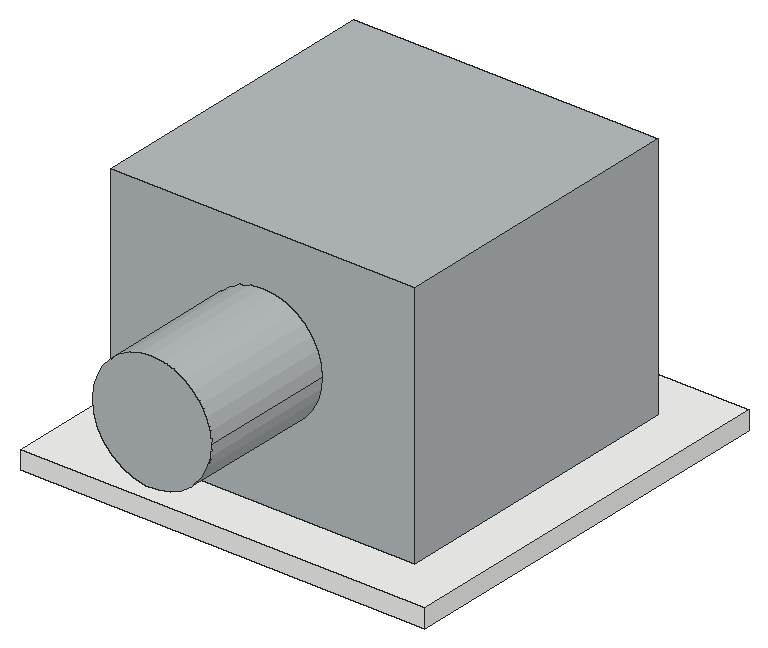
Revit family "vd-13_15zy14_50Hz", category 機械設備, Revit 2019
Family settings
  丸型コネクタ寸法 = 直径を使用
  パーツ タイプ = 標準
  OmniClass 番号 = 23.75.35.17.27
  OmniClass タイトル = Centrifugal Fans
  作業面ベース = いいえ
  常に垂直 = はい
  ロード時にボイドで切り取り = いいえ
  共有 = いいえ
  部屋計算ポイント = はい
Parameters (values of type "VD-15ZY14")
  騒音レベル(dB(A)) [instance] = 39
  風量 [instance] = 216.0 m³/h
  電源種別 [instance] = ""
  電圧 = 100 V
  電動機出力 = 0 W
  電動機_種別 [instance] = ""
  運転質量 = 0.00 kg
  連動 [instance] = ""
  質量 = if(製品質量 > 運転質量, 製品質量, 運転質量) * 1.2  # 5.40 kg
  負荷分類 = 3_ファン類
  説明 = "ダクト用換気扇 低騒音形 オール金属タイプ"
  設計風量 [instance] = 0.0 m³/h
  設置方法 = "天埋"
  記号 [instance] = ""
  製造元 = "三菱電機株式会社"
  製品質量 = 4.50 kg
  製品出荷対象 = "国内"
  製品リリース年月 = "2024年6月3日"
  製品グループ = ""
  系統 [instance] = ""
  符号 [instance] = if(☑給気／□排気, "FS", "FE")  # "FE"
  積算_科目 = "2 換気設備"
  積算_拾い区分 [instance] = ""
  相 = 1
  盤記号 [instance] = ""
  発停方法 [instance] = ""
  特殊仕様 [instance] = ""
  火災停止 [instance] = ""
  消費電力 = 23 W
  法定耐用年数 = "15"
  機外静圧 [instance] = 0.0 Pa
  極数 = 2
  材質 [instance] = ""
  操作・制御方式 = ""
  操作・制御スイッチ = ""
  排気量 [instance] = if(☑給気／□排気, 0.0 m³/h, 設計風量)  # 0.0 m³/h
  形式 = "天井埋込ダクト形"
  幹線記号 [instance] = ""
  対象室 [instance] = ""
  実風量 [instance] = 0.0 m³/h
  始動方式 [instance] = "直入"
  外気量 [instance] = if(☑給気／□排気, 設計風量, 0.0 m³/h)  # 0.0 m³/h
  呼称 = "天井扇"
  周波数 = 50 Hz
  参照している仕様書等のバージョン = ""
  分類コード = "50052503100030"
  分類グループ = ""
  価格 = 31200
  企業コード = "108420"
  付属品_防振装置 = ""
  付属品 [instance] = ""
  仕様書バージョン = "Version1.0"
  モデル = "VD-15ZY14"
  マテリアル = 鋼板
  ファンの種類 = ""
  ダクト径 = 100 mm
  コメント [instance] = ""
  Keynote = ""
  カバーマテリアル = 鋼板(白)
  ☑給気／□排気 [instance] = no
  Width = 251 mm
  W1 = 334 mm
  Version = ""
  Uniclass2015Version = "Systems v1.9"
  Uniclass2015Title = "Centrifugal fans"
  Uniclass2015Code = "Pr_65_67_29_12"
  URL = "https://www.mitsubishielectric.co.jp/ldg/wink/qr/002/333639/"
  SpecificationReference = ""
  SpecificationDescription = ""
  Revision = ""
  ProductInformation = ""
  OmniClassCode = "23-33 31 19 11 15"
  MIN風量 = 0.0 m³/h
  MIN静圧 = 0.0 Pa
  MID風量 = 0.0 m³/h
  MID静圧 = 0.0 Pa
  MAX風量 = 216.0 m³/h
  MAX静圧 = 0.0 Pa
  IfcTypeProduct = ""
  IfcProduct = ""
  IfcExportType = "PROPELLORAXIAL"
  IfcExportAs = "IfcFanType"
  Height = 204 mm
  H1 = 15 mm
  EAサイズ_D = 98 mm
  Duct_Height = 111 mm
  Duct_Depth = 114 mm
  Duct_Center = 0 mm
  Depth = 251 mm
  D1 = 334 mm
  Author = "三菱電機株式会社"
Types (2, lengths in mm): name | 騒音レベル(dB(A)) | 風量 | 質量 | 製品質量 | 消費電力 | 価格 | モデル | Width | W1 | URL | MAX風量 | Height | Duct_Height | Duct_Center | Depth | D1
  VD-13ZY14 | 38.5 | 160.0 m³/h | 3.36 kg | 2.80 kg | 23.5 W | 31100 | "VD-13ZY14" | 195 | 282 | "https://www.mitsubishielectric.co.jp/ldg/wink/qr/002/333599/" | 160.0 m³/h | 193 | 102 | 56 | 195 | 282
  VD-15ZY14 | 39 | 216.0 m³/h | 5.40 kg | 4.50 kg | 23 W | 31200 | "VD-15ZY14" | 251 | 334 | "https://www.mitsubishielectric.co.jp/ldg/wink/qr/002/333639/" | 216.0 m³/h | 204 | 111 | 0 | 251 | 334
Reference planes
  plane 1 "中心(正面/背面)": y = 0
  plane 2: z = 0
  plane 3 "中心(左/右)": x = 0
  plane 4: x = -167
  plane 5: x = 167
  plane 6: y = 167
  plane 7: y = -167
  plane 8: x = -125.5
  plane 9: x = 125.5
  plane 10: y = 125.5
  plane 11: y = -125.5
  plane 12: y = -239.5
  plane 13: z = 204
  plane 14: z = -15
  plane 15: z = 111
  plane 16: x = 0
Forms (mm)
  Extrusion 1, solid, material "鋼板" <- "マテリアル", detail levels fine
    sketch origin (0, 0, 0) x (1, 0, 0) y (0, 1, 0)
      loop
        line (-125.5, 125.5) -> (-125.5, -125.5) -> (125.5, -125.5) -> (125.5, 125.5) -> (-125.5, 125.5)
    from 0 to 204
  Extrusion 2, solid, material "鋼板(白)" <- "カバーマテリアル", detail levels fine
    sketch origin (0, 0, 0) x (1, 0, 0) y (0, 1, 0)
      loop
        line (-167, 167) -> (-167, -167) -> (167, -167) -> (167, 167) -> (-167, 167)
    from 0 to -15
  Extrusion 3, solid, material "鋼板" <- "マテリアル", detail levels fine
    sketch origin (0, 0, 0) x (1, 0, 0) y (0, 0, 1)
      loop
        circle (0, 111) r 49
    from 125.5 to 239.5
Dimensions and locks
  equal spacing: plane 4, plane 3 "中心(左/右)", plane 5
  "W1": plane 4 to plane 5
  equal spacing: plane 6, plane 1 "中心(正面/背面)", plane 7
  "D1": plane 6 to plane 7
  equal spacing: plane 8, plane 3 "中心(左/右)", plane 9
  "Width": plane 8 to plane 9
  equal spacing: plane 10, plane 1 "中心(正面/背面)", plane 11
  "Depth": plane 10 to plane 11
  "Duct_Depth": plane 11 to plane 12
  "Height": plane 13 to plane 2
  "Duct_Height": plane 15 to plane 2
  "H1": plane 2 to plane 14
  "Duct_Center": plane 3 "中心(左/右)" to plane 16
  "EAサイズ_D": diameter of Extrusion 3 sketch curve
  aligned and locked: level to plane 2
  aligned and locked: plane 5 to Extrusion 2
  aligned and locked: plane 6 to Extrusion 2
  aligned and locked: Extrusion 2 to plane 4
  aligned and locked: Extrusion 2 to plane 7
  aligned and locked: plane 9 to Extrusion 1
  aligned and locked: Extrusion 1 to plane 11
  aligned and locked: Extrusion 1 to plane 8
  aligned and locked: plane 10 to Extrusion 1
  aligned and locked: plane 13 to Extrusion 1
  aligned and locked: Extrusion 2 to plane 14
  aligned and locked: level to Extrusion 2
  aligned and locked: Extrusion 1 to level
  aligned and locked: Extrusion 3 to plane 12
  aligned and locked: plane 11 to Extrusion 3
Automatic sketch dimensions
  Extrusion 1 sketch curve to plane 3 "中心(左/右)" = 125.5 mm
  plane 3 "中心(左/右)" to Extrusion 1 sketch curve = 125.5 mm
  Extrusion 2 sketch curve to plane 3 "中心(左/右)" = 167 mm
  plane 3 "中心(左/右)" to Extrusion 2 sketch curve = 167 mm
  plane 1 "中心(正面/背面)" to Extrusion 1 sketch curve = 125.5 mm
  Extrusion 1 sketch curve to plane 1 "中心(正面/背面)" = 125.5 mm
  plane 1 "中心(正面/背面)" to Extrusion 2 sketch curve = 167 mm
  Extrusion 2 sketch curve to plane 1 "中心(正面/背面)" = 167 mm
  Extrusion 3 sketch curve to plane 15 = 0 mm
  Extrusion 3 sketch curve to plane 16 = 0 mm
Nested families
  nested 1: "記号_天井換気扇_平面" at (0, 0, 0), type "記号_天井換気扇_平面", detail levels coarse+medium
Connectors
  hvac at (0, -239.5, 111), driven by "ダクト径", driven by "風量", driven by "機外静圧"
    settings: on Extrusion 3, index 1, duct flow 216.0 m³/h, flow factor 0, pres drop 0.0 Pa, loss coef 0, conn angle 0.00°, conn width 304.8 mm, conn height 304.8 mm, conn diameter 100 mm, duct sys type 3, conn prof type 0, flow config 0, flow direction 2, loss method 4, conn ref index -1, conn util no, is conn primary yes, conn desc ""
  electrical at (0, 0, 204), driven by "極数", driven by "負荷分類", driven by "電圧", driven by "消費電力"
    settings: on Extrusion 1, index 2, voltage 100 V, apparent load 23 VA, apparent load phase1 0 VA, apparent load phase2 0 VA, apparent load phase3 0 VA, power factor 1, load classification "3_ファン類", number of poles 2, system type 30, power factor state 1, is connector primary yes, connector utility no, sub classification motor no, connector description ""
Definition of nested family "記号_天井換気扇_平面"
  Reference planes
    plane 1: y = 0
    plane 2: x = 0
  Lines and regions (mm)
    detail lines
      curve 1: line (-2.5, 2.5, 0) -> (2.5, 2.5, 0)
      curve 2: line (-2.5, -2.5, 0) -> (-2.5, 2.5, 0)
      curve 3: line (2.5, -2.5, 0) -> (-2.5, -2.5, 0)
      curve 4: line (2.5, 2.5, 0) -> (2.5, -2.5, 0)
      curve 5: circle (-1.04, -1.04, 0) r 1.46 normal (0, 0, 1)
      curve 6: circle (1.04, 1.04, 0) r 1.46 normal (0, 0, 1)
      curve 7: line (-3.125, 3.125, 0) -> (3.125, 3.125, 0)
      curve 8: line (-3.125, -3.125, 0) -> (-3.125, 3.125, 0)
      curve 9: line (3.125, -3.125, 0) -> (-3.125, -3.125, 0)
      curve 10: line (3.125, 3.125, 0) -> (3.125, -3.125, 0)
      curve 11: circle (1.295, 1.295, 0) r 1.83 normal (0, 0, 1)
      curve 12: circle (-1.295, -1.295, 0) r 1.83 normal (0, 0, 1)
      curve 13: line (-2, 2, 0) -> (2, 2, 0)
      curve 14: line (-2, -2, 0) -> (-2, 2, 0)
      curve 15: line (2, -2, 0) -> (-2, -2, 0)
      curve 16: line (2, 2, 0) -> (2, -2, 0)
      curve 17: circle (0.84, 0.84, 0) r 1.16 normal (0, 0, 1)
      curve 18: circle (-0.84, -0.84, 0) r 1.2 normal (0, 0, 1)
